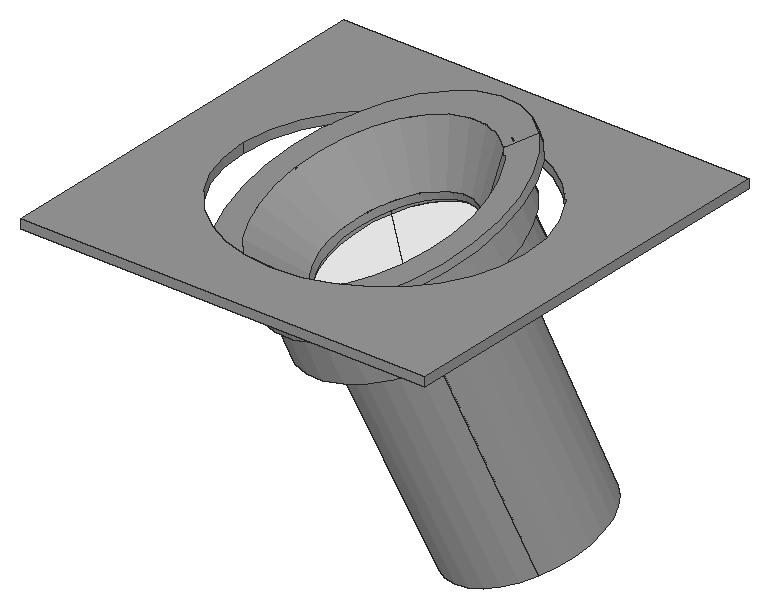
Revit family "0005317", category Lighting Fixtures, host Face, Revit 2017
Family settings
  Host = Face
  Round Connector Dimension = Use Diameter
  Part Type = Normal
  OmniClass Number = 23.80.70.00
  OmniClass Title = Lighting
  Cut with Voids When Loaded = No
  Light Source = No
  Shared = No
  Room Calculation Point = No
Parameters (values of type "0005317+0005301 Ludospot 50 Hous Sqr 110 Tilt WHT BLK+ Ludospot 50 950lm 930 NB DIM")
  Weight = "n/a"
  Wattage Comments = ""
  WarrantyStartDate [instance] = "n/a"
  WarrantyGuarantorParts = "n/a"
  WarrantyDurationUnit = "n/a"
  WarrantyDurationParts = "n/a"
  WarrantyDescription = "n/a"
  WallThickness_SYL = 2 mm
  Voltage = 0 V
  VerticalRotationMid_SYL [instance] = 112.00°
  URL = "http://www.sylvania-lighting.com"
  TypeName = "Ludospot 50 Hous Sqr 110 Tilt WHT BLK + Ludospot 50 950lm 930 NB DIM"
  TypeLamp_SYL = Ludospot 50 Modules : 0005301 Ludospot 50 950lm 930 NB DIM
  Type Image = <None>
  Type Comments = "n/a"
  TrimWidth_SYL = 110 mm
  TrimLength_SYL = 110 mm
  TrimHeight_SYL = 2.5 mm
  SerialNumber [instance] = "n/a"
  RecessWidth_SYL = 90 mm
  RecessLength_SYL = 90 mm
  RecessDepth_SYL = 100 mm
  RadiusTrim_SYL = 3 mm
  Material_3_SYL = none
  PowerFactor = 0
  PowerConsumption = "n/a"
  NominalLength = 110 mm
  NominalHeight = 0 mm
  NominalDepth = 110 mm
  Name = "Ludospot 50 Hous Sqr 110 Tilt WHT BLK + Ludospot 50 950lm 930 NB DIM"
  ModelReference = Name  # "Ludospot 50 Hous Sqr 110 Tilt WHT BLK + Ludospot 50 950lm 930 NB DIM"
  ModelNumber = "0005317+0005301"
  Model = Name  # "Ludospot 50 Hous Sqr 110 Tilt WHT BLK + Ludospot 50 950lm 930 NB DIM"
  Material = "aluminium housing"
  ManufacturerName = "Feilo Sylvania"
  Manufacturer = "Feilo Sylvania"
  LuminousEfficacy = "n/a"
  LuminaireType = ""
  LightOutputRatio = "n/a"
  LampsType = Lamp  # "LED"
  LampNominalLuminous = "n/a"
  LampMacAdamStep = "n/a"
  LampColourTemperature = "n/a"
  LampColourRenderingIndex = "n/a"
  Lamp = "LED"
  Keynote = "16500"
  InstallationDate [instance] = "n/a"
  InputVoltage = "n/a"
  InputNominalFrequency = "n/a"
  IngressProtection = "IP20"
  ImpactProtectionIndex = "IK03"
  IfcExportType = "IfcLightFixtureType"
  IfcExportAs = "IfcLightFixtureType"
  HorizontalRotationMid_SYL [instance] = 315.00°
  HoleDist_SYL = 220 mm
  EndAngleMid_SYL [instance] = HorizontalRotationMid_SYL + 180.00°  # 495.00°
  ElectricShockClassification = "n/a"
  DocumentationLiterature = "http://www.sylvania-lighting.com/product/en-int/products/0005317"
  DimmingControlOptions = "n/a"
  Material_2_SYL = none
  Description = ""
  Default Elevation = 1219.2 mm
  CreatedOn = "7/29/2019"
  CreatedBy = "@sylvania-lighting.com"
  Cost = 0
  built-in parameter 1114216 [instance] = (empty or 0)
  ClassificationValue = "EF_70_80"
  ClassificationName = "Uniclass2015"
  Material_1_SYL = PC/ABS Plastic
  CircularCutOutDia_SYL = 38.5 mm
  BarCode [instance] = "n/a"
  AssetType = "Fixed"
  AssetIdentifier [instance] = "n/a"
  Assembly Code = "D5020200"
  Apparent Load = 0 VA
  Material_4_SYL = none
Types (6, lengths in mm): name | TypeName | TypeLamp_SYL | Name | ModelReference | ModelNumber | Model
  0005317+0005301 Ludospot 50 Hous Sqr 110 Tilt WHT BLK+ Ludospot 50 950lm 930 NB DIM | "Ludospot 50 Hous Sqr 110 Tilt WHT BLK + Ludospot 50 950lm 930 NB DIM" | Ludospot 50 Modules : 0005301 Ludospot 50 950lm 930 NB DIM | "Ludospot 50 Hous Sqr 110 Tilt WHT BLK + Ludospot 50 950lm 930 NB DIM" | "Ludospot 50 Hous Sqr 110 Tilt WHT BLK + Ludospot 50 950lm 930 NB DIM" | "0005317+0005301" | "Ludospot 50 Hous Sqr 110 Tilt WHT BLK + Ludospot 50 950lm 930 NB DIM"
  0005317+0005302 Ludospot 50 Hous Sqr 110 Tilt WHT BLK+ Ludospot 50 990lm 940 NB DIM | "Ludospot 50 Hous Sqr 110 Tilt WHT BLK + Ludospot 50 990lm 940 NB DIM" | Ludospot 50 Modules : 0005302 Ludospot 50 990lm 930 NB DIM | "Ludospot 50 Hous Sqr 110 Tilt WHT BLK + Ludospot 50 990lm 940 NB DIM" | "Ludospot 50 Hous Sqr 110 Tilt WHT BLK + Ludospot 50 990lm 940 NB DIM" | "0005317+0005302" | "Ludospot 50 Hous Sqr 110 Tilt WHT BLK + Ludospot 50 990lm 940 NB DIM"
  0005317+0005303 Ludospot 50 Hous Sqr 110 Tilt WHT BLK+ Ludospot 50 950lm 930 MB DIM | "Ludospot 50 Hous Sqr 110 Tilt WHT BLK + Ludospot 50 950lm 930 MB DIM" | Ludospot 50 Modules : 0005303 Ludospot 50 950lm 930 MB DIM | "Ludospot 50 Hous Sqr 110 Tilt WHT BLK + Ludospot 50 950lm 930 MB DIM" | "Ludospot 50 Hous Sqr 110 Tilt WHT BLK + Ludospot 50 950lm 930 MB DIM" | "0005317+0005303" | "Ludospot 50 Hous Sqr 110 Tilt WHT BLK + Ludospot 50 950lm 930 MB DIM"
  0005317+0005304 Ludospot 50 Hous Sqr 110 Tilt WHT BLK+ Ludospot 50 1000lm 940 MB DIM | "Ludospot 50 Hous Sqr 110 Tilt WHT BLK + Ludospot 50 1000lm 940 MB DIM" | Ludospot 50 Modules : 0005304 Ludospot 50 1000lm 940 MB DIM | "Ludospot 50 Hous Sqr 110 Tilt WHT BLK + Ludospot 50 1000lm 940 MB DIM" | "Ludospot 50 Hous Sqr 110 Tilt WHT BLK + Ludospot 50 1000lm 940 MB DIM" | "0005317+0005304" | "Ludospot 50 Hous Sqr 110 Tilt WHT BLK + Ludospot 50 1000lm 940 MB DIM"
  0005317+0005305 Ludospot 50 Hous Sqr 110 Tilt WHT BLK+ Ludospot 50 920lm 930 WB DIM | "Ludospot 50 Hous Sqr 110 Tilt WHT BLK + Ludospot 50 920lm 930 WB DIM" | Ludospot 50 Modules : 0005305 Ludospot 50 920lm 940 WB DIM | "Ludospot 50 Hous Sqr 110 Tilt WHT BLK + Ludospot 50 920lm 930 WB DIM" | "Ludospot 50 Hous Sqr 110 Tilt WHT BLK + Ludospot 50 920lm 930 WB DIM" | "0005317+0005305" | "Ludospot 50 Hous Sqr 110 Tilt WHT BLK + Ludospot 50 920lm 930 WB DIM"
  0005317+0005306 Ludospot 50 Hous Sqr 110 Tilt WHT BLK+ Ludospot 50 940lm 940 WB DIM | "Ludospot 50 Hous Sqr 110 Tilt WHT BLK + Ludospot 50 940lm 940 WB DIM" | Ludospot 50 Modules : 0005306 Ludospot 50 940lm 940 WB DIM | "Ludospot 50 Hous Sqr 110 Tilt WHT BLK + Ludospot 50 940lm 940 WB DIM" | "Ludospot 50 Hous Sqr 110 Tilt WHT BLK + Ludospot 50 940lm 940 WB DIM" | "0005317+0005306" | "Ludospot 50 Hous Sqr 110 Tilt WHT BLK + Ludospot 50 940lm 940 WB DIM"
Reference planes
  plane 1 "Center (Front/Back)": y = 0
  plane 2: z = 0
  plane 3 "Center (Left/Right)": x = 0
  plane 4: x = -55
  plane 5: x = 55
  plane 6: y = 55
  plane 7: y = -55
  plane 8: x = 45
  plane 9: x = -45
  plane 10: y = 45
  plane 11: y = -45
  plane 12: z = -100
  plane 13: z = 2.5
  plane 14: z = 2.5
  plane 15: z = -18.5
  plane 16: z = -3.5
Forms (mm)
  Extrusion 1, void
    sketch origin (0, 0, 0) x (1, 0, 0) y (0, 1, 0)
      loop
        line (-45, 45) -> (-45, -45) -> (45, -45) -> (45, 45) -> (-45, 45)
    from 0 to -100
  Extrusion 2, solid, material "PC/ABS Plastic" <- "Material_1_SYL"
    sketch origin (0, 0, 0) x (1, 0, 0) y (0, 1, 0)
      loop
        line (-55, 55) -> (-55, -55) -> (55, -55) -> (55, 55) -> (-55, 55)
    from 0 to 2.5
  Extrusion 3, void
    sketch origin (1223.4, -4572, 2.5) x (-1, 0, 0) y (0, -1, 0)
      loop
        circle (1223.4, -4572) r 38.5
    from 0 to -21
  Revolve 4, solid, not visible
    sketch origin (0, 0, 0) x (1, 0, 0) y (0, 0, 1)
      loop
        line (0, -18.5) -> (0, -28.5) -> (5, -28.5) -> (5, -18.5) -> (0, -18.5)
      axis (0, -18.5) -> (0, -28.5)
    angle from 315 <- "HorizontalRotationMid_SYL" to 495 <- "EndAngleMid_SYL"
Cuts and joins
  Extrusion 3 cuts Extrusion 2
Lines and regions (mm)
  reference lines
    curve 1: circle (0, 0, 2.5) r 38.5 normal (0, 0, -1)
Dimensions and locks
  equal spacing: plane 11, plane 1 "Center (Front/Back)", plane 10
  equal spacing: plane 9, plane 3 "Center (Left/Right)", plane 8
  equal spacing: plane 4, plane 3 "Center (Left/Right)", plane 5
  equal spacing: plane 7, plane 1 "Center (Front/Back)", plane 6
  "TrimLength_SYL": plane 4 to plane 5
  "TrimWidth_SYL": plane 7 to plane 6
  "RecessWidth_SYL": plane 11 to plane 10
  "RecessLength_SYL": plane 9 to plane 8
  "RecessDepth_SYL": plane 2 to plane 12
  "TrimHeight_SYL": plane 13 to plane 2
  locked: plane 14 to plane 16 at 6
  equal spacing: host sketch curve, plane 1 "Center (Front/Back)", host sketch curve
  equal spacing: host sketch curve, plane 3 "Center (Left/Right)", host sketch curve
  "CircularCutOutDia_SYL": radius of curve 1
  aligned and locked: plane 2 to host face
  aligned and locked: level to host face
  aligned and locked: plane 10 to Extrusion 1 sketch curve
  aligned and locked: plane 9 to Extrusion 1 sketch curve
  aligned and locked: Extrusion 1 sketch curve to plane 11
  aligned and locked: Extrusion 1 sketch curve to plane 8
  aligned and locked: level to Extrusion 1
  aligned and locked: plane 12 to Extrusion 1
  aligned and locked: plane 2 to Extrusion 1
  aligned and locked: plane 6 to Extrusion 2 sketch curve
  aligned and locked: plane 4 to Extrusion 2 sketch curve
  aligned and locked: Extrusion 2 sketch curve to plane 7
  aligned and locked: Extrusion 2 sketch curve to plane 5
  aligned and locked: Extrusion 2 to plane 13
  aligned and locked: Extrusion 2 to level
  aligned and locked: Extrusion 3 to plane 14
  aligned and locked: plane 15 to Extrusion 3
  aligned and locked: Extrusion 3 sketch curve to curve 1
  aligned and locked: plane 15 to Revolve 4 sketch curve
  aligned and locked: plane 3 "Center (Left/Right)" to Revolve 4 sketch curve
  aligned and locked: Revolve 4 sketch curve to plane 3 "Center (Left/Right)"
Automatic sketch dimensions
  plane 3 "Center (Left/Right)" to Revolve 4 sketch curve = 5 mm
  plane 15 to Revolve 4 sketch curve = 10 mm
  plane 12 to Revolve 4 sketch curve = 509.6 mm
  Revolve 4 sketch curve to plane 13 = 2606.558 mm
  plane 1 "Center (Front/Back)" to curve 1 = 0 mm
  curve 1 to plane 3 "Center (Left/Right)" = 0 mm
Nested families
  nested 1: "VerticalRotation" at (0, 0, -3.5) x (-0.7071, 0.7071, 0) z (-0.7071, -0.7071, 0), VerticalRotation_SYL <- "VerticalRotationMid_SYL", type "Type Name", not visible
    with VerticalRotation_SYL 112.00°, EndAngleV_SYL 292.00°
  nested 2: "Dial" at (0, 0, -3.5) x (0.6556, 0.6556, 0.3746) z (0.2649, 0.2649, -0.9272), type "Type Name"
  nested 3: "Ludospot 50 Modules" at (2.384, 2.384, -11.845) x (0.7071, -0.7071, 0) z (-0.2649, -0.2649, 0.9272), type <- "TypeLamp_SYL", type "0005301 Ludospot 50 950lm 930 NB DIM"
    with WarrantyStartDate "n/a", SerialNumber "n/a", InstallationDate "n/a", built-in parameter 1114216 (empty or 0), BarCode "n/a", AssetIdentifier "n/a"
Definition of nested family "VerticalRotation"
  Parameters (values of type "Type Name")
    VerticalRotation_SYL [instance] = 0.00°
    URL = "http://www.sylvania-lighting.com"
    Type Image = (empty or 0)
    Type Comments = "n/a"
    Material_3_SYL = none
    Model = ""
    Manufacturer = "Feilo Sylvania"
    Keynote = ""
    Material_2_SYL = none
    EndAngleV_SYL [instance] = VerticalRotation_SYL + 180.00°  # 180.00°
    Description = ""
    Default Elevation = 1219.2 mm
    Cost = 0
    Material_1_SYL = none
    Assembly Code = ""
    Material_4_SYL = none
  Reference planes
    plane 1 "Center (Front/Back)": y = 0
    plane 2: z = 0
    plane 3 "Center (Left/Right)": x = 0
  Forms (mm)
    Extrusion 1, solid
      sketch origin (4.2, 0, 0) x (1, 0, 0) y (0, 1, 0)
        loop
          line (-1219.2, 1219.2) -> (-1219.2, -1219.2) -> (1219.2, -1219.2) -> (1219.2, 1219.2) -> (-1219.2, 1219.2)
      from 0 to -68.017
    Revolve 2, solid
      sketch origin (0, 0, 0) x (1, 0, 0) y (0, 1, 0)
        loop
          line (0, 0) -> (25, 0) -> (25, 10) -> (0, 10) -> (0, 0)
        axis (25, 0) -> (0, 0)
      angle from 0 <- "VerticalRotation_SYL" to 180 <- "EndAngleV_SYL"
  Dimensions and locks
    aligned and locked: plane 2 to Extrusion 1
    aligned and locked: level to Extrusion 1
    aligned and locked: Revolve 2 sketch curve to plane 1 "Center (Front/Back)"
Definition of nested family "Dial"
  Parameters (values of type "Type Name")
    URL = "http://www.sylvania-lighting.com"
    Type Image = (empty or 0)
    Type Comments = "n/a"
    Material_3_SYL = none
    Model = ""
    Manufacturer = "Feilo Sylvania"
    Keynote = ""
    Material_2_SYL = none
    Description = ""
    Default Elevation = 1219.2 mm
    Cost = 0
    Material_1_SYL = none
    Assembly Code = ""
    Material_4_SYL = none
  Reference planes
    plane 1 "Center (Front/Back)": y = 0
    plane 2: z = 0
    plane 3 "Center (Left/Right)": x = 0
    plane 4: x = -38.2
    plane 5: x = -30
    plane 6: x = -20
    plane 7: x = -25
    plane 8: z = 7
    plane 9: z = 9
    plane 10: z = 20
    plane 11: z = -6
    plane 12: x = -32.5
    plane 13: z = -4
  Forms (mm)
    Extrusion 1, solid
      sketch origin (4.2, 0, 0) x (1, 0, 0) y (0, 1, 0)
        loop
          line (-1219.2, 1219.2) -> (-1219.2, -1219.2) -> (1219.2, -1219.2) -> (1219.2, 1219.2) -> (-1219.2, 1219.2)
      from 0 to -68.017
    Revolve 2, solid, material <- "Material_1_SYL"
      sketch origin (0, 0, 0) x (1, 0, 0) y (0, 0, 1)
        loop
          line (-25, 20) -> (-30, 20) -> (-30, 7) -> (-32.5, 7) -> (-32.5, -4) -> (-38.2, -4) -> (-38.2, -6) -> (-30, -6) -> (-20, 7) -> (-20, 9) -> (-25, 9) -> (-25, 20)
        axis (0, 20) -> (0, -6)
      angle from 360 to 0
  Dimensions and locks
    locked: plane 2 to plane 11 at 6
    locked: plane 9 to plane 11 at 15
    locked: plane 9 to plane 8 at 2
    locked: plane 10 to plane 11 at 26
    locked: plane 3 "Center (Left/Right)" to plane 4 at 38.2
    locked: plane 3 "Center (Left/Right)" to plane 5 at 30
    locked: plane 3 "Center (Left/Right)" to plane 7 at 25
    locked: plane 3 "Center (Left/Right)" to plane 6 at 20
    locked: plane 3 "Center (Left/Right)" to plane 12 at 32.5
    locked: plane 13 to plane 11 at 2
    aligned and locked: plane 2 to Extrusion 1
    aligned and locked: level to Extrusion 1
    aligned and locked: Revolve 2 sketch curve to plane 3 "Center (Left/Right)"
    aligned and locked: plane 7 to Revolve 2 sketch curve  (x2)
    aligned and locked: Revolve 2 sketch curve to plane 10
    aligned and locked: Revolve 2 sketch curve to plane 5
    aligned and locked: plane 11 to Revolve 2 sketch curve  (x2)
    aligned and locked: Revolve 2 sketch curve to plane 4
    aligned and locked: plane 6 to Revolve 2 sketch curve  (x2)
    aligned and locked: Revolve 2 sketch curve to plane 9
    aligned and locked: plane 12 to Revolve 2 sketch curve
    aligned and locked: plane 8 to Revolve 2 sketch curve
Definition of nested family "Ludospot 50 Modules"
  Parameters (values of type "0005305 Ludospot 50 920lm 940 WB DIM")
    Weight = ""
    Wattage Comments = ""
    Wattage = 12 W
    WarrantyStartDate [instance] = "n/a"
    WarrantyGuarantorParts = "n/a"
    WarrantyDurationUnit = "n/a"
    WarrantyDurationParts = "n/a"
    WarrantyDescription = "n/a"
    built-in parameter 1150110 = 1 (stored number, unit not read)
    Voltage = 220 V
    URL = "http://www.sylvania-lighting.com"
    TypeName = "Ludospot 50 920lm 940 WB DIM"
    Type Image = (empty or 0)
    Type Comments = "n/a"
    built-in parameter 1114217 = 1 (stored number, unit not read)
    Tilt Angle = -90.00°
    built-in parameter 1150109 = 1 (stored number, unit not read)
    built-in parameter 1150134 = (empty or 0)
    built-in parameter 1150113 = 1 (stored number, unit not read)
    SerialNumber [instance] = "n/a"
    Photometric Web File = "0005305.ies"
    Material_3_SYL = none
    PowerFactor = 0.9
    PowerConsumption = "12 W"
    NominalLength = 50 mm
    NominalHeight = 73 mm
    NominalDepth = 50 mm
    Name = "0005305 Ludospot 50 920lm 940 WB DIM"
    ModelReference = Name  # "0005305 Ludospot 50 920lm 940 WB DIM"
    ModelNumber = "0005305"
    Model = Name  # "0005305 Ludospot 50 920lm 940 WB DIM"
    Material = "aluminium housing"
    ManufacturerName = "Feilo Sylvania"
    Manufacturer = "Feilo Sylvania"
    LuminousEfficacy = "77 lm/W"
    built-in parameter 1150105 = 73.53 (stored number, unit not read)
    Lumens = 924 lm
    LuminaireType = ""
    built-in parameter 1150115 = 1 (stored number, unit not read)
    LightOutputRatio = ""
    built-in parameter 1150137 = (empty or 0)
    built-in parameter 1150139 = (empty or 0)
    LampsType = Lamp  # "LED"
    LampNominalLuminous = "920 lm"
    LampMacAdamStep = "3"
    LampColourTemperature = "3000 K"
    LampColourRenderingIndex = "90"
    built-in parameter 1150112 = 1 (stored number, unit not read)
    built-in parameter 1150114 = 1 (stored number, unit not read)
    Lamp = "LED"
    Keynote = "16500"
    InstallationDate [instance] = "n/a"
    InputVoltage = "220-240 V AC"
    InputNominalFrequency = "50/60 HZ"
    built-in parameter 1150132 = (empty or 0)
    built-in parameter 1150102 = (empty or 0)
    built-in parameter 1150107 = 3000 (stored number, unit not read)
    built-in parameter 1150138 = (empty or 0)
    IngressProtection = "IP44/20"
    ImpactProtectionIndex = "IK07"
    built-in parameter 1150106 = 0.7353 (stored number, unit not read)
    IfcExportType = "IfcLightFixtureType"
    IfcExportAs = "IfcLightFixtureType"
    Emit from Circle Diameter = 40 mm
    Emit Shape Visible in Rendering = no
    ElectricShockClassification = "Class II"
    built-in parameter 1150104 = 7.1535 (stored number, unit not read)
    DocumentationLiterature = "https://www.sylvania-lighting.com/product/en-int/products/0005305/"
    DimmingControlOptions = "Mains: leading / trailing edge"
    Material_2_SYL = none
    Dimming Lamp Color Temperature Shift = (empty or 0)
    Description = ""
    Default Elevation = 1219.2 mm
    CreatedOn = ""
    CreatedBy = ""
    Cost = 0
    Color Filter = 16777215
    built-in parameter 1114216 [instance] = (empty or 0)
    ClassificationValue = "EF_70_80"
    ClassificationName = "Uniclass2015"
    Material_1_SYL = none
    BarCode [instance] = "n/a"
    built-in parameter 1114218 = 1 (stored number, unit not read)
    built-in parameter 1150133 = 10 (stored number, unit not read)
    AssetType = ""
    AssetIdentifier [instance] = "n/a"
    Assembly Code = "D5020200"
    Apparent Load = 12 VA
    Material_4_SYL = none
  Types (6, lengths in mm): name | TypeName | built-in parameter 1150134 | Photometric Web File | Name | ModelReference | ModelNumber | Model | LuminousEfficacy | built-in parameter 1150105 | Lumens | LampNominalLuminous | LampColourTemperature | built-in parameter 1150107 | ImpactProtectionIndex | built-in parameter 1150106 | built-in parameter 1150104 | DocumentationLiterature
    0005305 Ludospot 50 920lm 940 WB DIM | "Ludospot 50 920lm 940 WB DIM" | (empty or 0) | "0005305.ies" | "0005305 Ludospot 50 920lm 940 WB DIM" | "0005305 Ludospot 50 920lm 940 WB DIM" | "0005305" | "0005305 Ludospot 50 920lm 940 WB DIM" | "77 lm/W" | 73.53 (stored number, unit not read) | 924 lm | "920 lm" | "3000 K" | 3000 (stored number, unit not read) | "IK07" | 0.7353 (stored number, unit not read) | 7.1535 (stored number, unit not read) | "https://www.sylvania-lighting.com/product/en-int/products/0005305/"
    0005304 Ludospot 50 1000lm 940 MB DIM | "Ludospot 50 1000lm 940 MB DIM" | 12 | "0005304.ies" | "0005304 Ludospot 50 1000lm 940 MB DIM" | "0005304 Ludospot 50 1000lm 940 MB DIM" | "0005304" | "0005304 Ludospot 50 1000lm 940 MB DIM" | "83 lm/W" | 79.259 (stored number, unit not read) | 996 lm | "950 lm" | "4000 K" | 4000 (stored number, unit not read) | "IK06" | 0.79259 (stored number, unit not read) | 7.711 (stored number, unit not read) | "https://www.sylvania-lighting.com/product/en-int/products/0005304/"
    0005303 Ludospot 50 950lm 930 MB DIM | "Ludospot 50 950lm 930 MB DIM" | (empty or 0) | "0005303.ies" | "0005303 Ludospot 50 950lm 930 MB DIM" | "0005303 Ludospot 50 950lm 930 MB DIM" | "0005303" | "0005303 Ludospot 50 950lm 930 MB DIM" | "80 lm/W" | 76.394 (stored number, unit not read) | 960 lm | "1000 lm" | "3000 K" | 3000 (stored number, unit not read) | "IK05" | 0.76394 (stored number, unit not read) | 7.4322 (stored number, unit not read) | "https://www.sylvania-lighting.com/product/en-int/products/0005303/"
    0005302 Ludospot 50 990lm 930 NB DIM | "Ludospot 50 990lm 930 NB DIM" | 12 | "0005302.ies" | "0005302 Ludospot 50 990lm 930 NB DIM" | "0005302 Ludospot 50 990lm 930 NB DIM" | "0005302" | "0005302 Ludospot 50 990lm 930 NB DIM" | "83 lm/W" | 79.259 (stored number, unit not read) | 996 lm | "990 lm" | "4000 K" | 4000 (stored number, unit not read) | "IK04" | 0.79259 (stored number, unit not read) | 7.711 (stored number, unit not read) | "https://www.sylvania-lighting.com/product/en-int/products/0005302/"
    0005301 Ludospot 50 950lm 930 NB DIM | "Ludospot 50 950lm 930 NB DIM" | (empty or 0) | "0005301.ies" | "0005301 Ludospot 50 950lm 930 NB DIM" | "0005301 Ludospot 50 950lm 930 NB DIM" | "0005301" | "0005301 Ludospot 50 950lm 930 NB DIM" | "80 lm/W" | 76.394 (stored number, unit not read) | 960 lm | "950 lm" | "3000 K" | 3000 (stored number, unit not read) | "IK03" | 0.76394 (stored number, unit not read) | 7.4322 (stored number, unit not read) | "https://www.sylvania-lighting.com/product/en-int/products/0005301/"
    0005306 Ludospot 50 940lm 940 WB DIM | "Ludospot 50 940lm 940 WB DIM" | 12 | "0005306.ies" | "0005306 Ludospot 50 940lm 940 WB DIM" | "0005306 Ludospot 50 940lm 940 WB DIM" | "0005306" | "0005306 Ludospot 50 940lm 940 WB DIM" | "78 lm/W" | 74.485 (stored number, unit not read) | 936 lm | "940 lm" | "4000 K" | 4000 (stored number, unit not read) | "IK08" | 0.74485 (stored number, unit not read) | 7.2464 (stored number, unit not read) | "https://www.sylvania-lighting.com/product/en-int/products/0005306/"
  Reference planes
    plane 1 "Center (Front/Back)": y = 0
    plane 2: z = 0
    plane 3 "Center (Left/Right)": x = 0
    plane 4: x = -25
    plane 5: z = -2.7
    plane 6: x = -23.6
    plane 7: z = -3.7
    plane 8: z = -12.7
    plane 9: z = -25.7
    plane 10: x = -22
    plane 11: z = -73
    plane 12: x = -21
    plane 13: z = -1.3
  Forms (mm)
    Extrusion 1, solid
      sketch origin (4.2, 0, 0) x (1, 0, 0) y (0, 1, 0)
        loop
          line (-1219.2, 1219.2) -> (-1219.2, -1219.2) -> (1219.2, -1219.2) -> (1219.2, 1219.2) -> (-1219.2, 1219.2)
      from 0 to -68.017
    Revolve 2, solid, material <- "Material_1_SYL"
      sketch origin (0, 0, 0) x (1, 0, 0) y (0, 0, 1)
        loop
          line (-25, 0) -> (-25, -2.7) -> (-23.6, -2.7) -> (-23.6, -3.7) -> (-22, -12.7) -> (-21, -73) -> (0, -73) -> (0, -1.3) -> (-21, -1.3) -> (-21, 0) -> (-25, 0)
        axis (0, 0) -> (0, -73)
      angle from 360 to 0
  Dimensions and locks
    locked: plane 3 "Center (Left/Right)" to plane 4 at 25
    locked: plane 3 "Center (Left/Right)" to plane 6 at 23.6
    locked: plane 7 to plane 8 at 9
    locked: plane 3 "Center (Left/Right)" to plane 10 at 22
    locked: plane 2 to plane 11 at 73
    locked: plane 3 "Center (Left/Right)" to plane 12 at 21
    plane 2 to plane 13 to plane 5 to plane 7 = 1.3 mm locked, 1.4 mm locked, 1 mm locked
    aligned and locked: plane 2 to Extrusion 1
    aligned and locked: level to Extrusion 1
    aligned and locked: Revolve 2 sketch curve to plane 4
    aligned and locked: plane 5 to Revolve 2 sketch curve
    aligned and locked: Revolve 2 sketch curve to plane 6
    aligned and locked: plane 8 to Revolve 2 sketch curve
    aligned and locked: plane 12 to Revolve 2 sketch curve  (x2)
    aligned and locked: plane 11 to Revolve 2 sketch curve
    aligned and locked: plane 3 "Center (Left/Right)" to Revolve 2 sketch curve
    aligned and locked: Revolve 2 sketch curve to level
    aligned and locked: plane 13 to Revolve 2 sketch curve  (x2)
    aligned and locked: Revolve 2 sketch curve to plane 12
    aligned and locked: level to imposter light
    aligned and locked: plane 3 "Center (Left/Right)" to imposter light
    aligned and locked: imposter light to plane 1 "Center (Front/Back)"
  Connectors
    electrical at (0, 0, -73), driven by "PowerFactor", driven by "Voltage", driven by "Apparent Load"
      settings: on Revolve 2, index 1, voltage 220 V, apparent load 12 VA, apparent load phase1 0 VA, apparent load phase2 0 VA, apparent load phase3 0 VA, power factor 0.9, load classification none, number of poles 1, system type 30, power factor state 1, is connector primary yes, connector utility no, sub classification motor no, connector description ""
